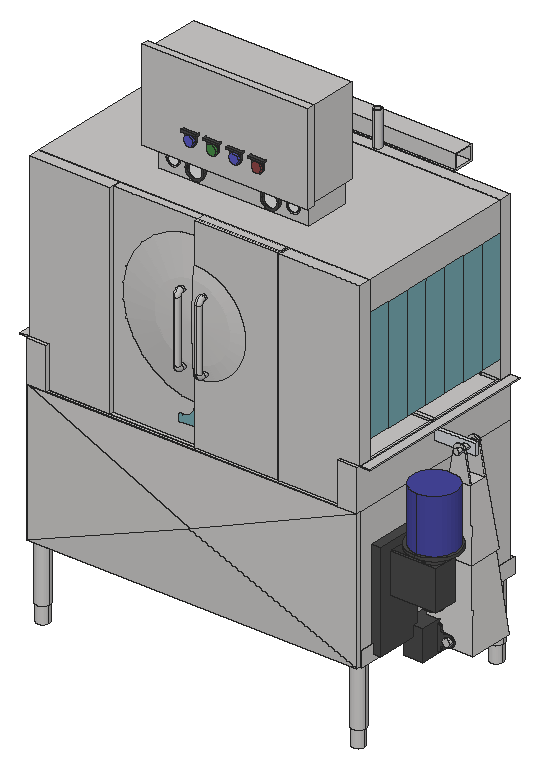
Revit family (continued)
Dimensions and locks (in)
  aligned and locked: plane 49 to curve 11
  aligned and locked: plane 50 to curve 13
  aligned and locked: curve 12 to plane 51
  aligned and locked: plane 10 "Right of Ledge" to curve 15
  aligned and locked: curve 16 to plane 38 "Back of Panel"
  aligned and locked: plane 37 to curve 18
  aligned and locked: plane 40 to curve 17
  aligned and locked: curve 19 to plane 41
  aligned and locked: plane 33 to curve 23
  aligned and locked: plane 39 "Front of Upper Panel" to curve 22
  aligned and locked: curve 21 to plane 34
  aligned and locked: curve 25 to plane 46
  aligned and locked: curve 28 to plane 13
  aligned and locked: plane 44 to curve 26
  aligned and locked: plane 47 to curve 27
  aligned and locked: plane 47 to curve 31
  aligned and locked: curve 32 to plane 45
  aligned and locked: plane 14 to curve 30
  aligned and locked: curve 29 to plane 46
  aligned and locked: Extrusion 74 sketch curve to plane 21  (x2)
  aligned and locked: plane 53 to Extrusion 74 sketch curve
  aligned and locked: plane 50 to Extrusion 74 sketch curve
  aligned and locked: Extrusion 74 sketch curve to plane 51
  aligned and locked: plane 49 to Extrusion 74 sketch curve
  aligned: plane 48 "Top of Vents" to Extrusion 74
  aligned and locked: plane 4 "TOP" to Extrusion 74
  aligned and locked: plane 17 "Top of Machine" to Extrusion 75 sketch curve
  aligned and locked: Extrusion 75 sketch curve to plane 28
  aligned and locked: plane 27 to Extrusion 75 sketch curve
  aligned and locked: Extrusion 75 sketch curve to plane 54
  aligned and locked: Extrusion 75 to plane 25
  aligned and locked: Extrusion 74 sketch curve to plane 9 "Left of Ledge"
  aligned and locked: Extrusion 74 sketch curve to plane 10 "Right of Ledge"
  aligned and locked: Extrusion 76 sketch curve to plane 53
  aligned and locked: Extrusion 76 sketch curve to plane 10 "Right of Ledge"
  aligned and locked: plane 21 to Extrusion 76 sketch curve
  aligned and locked: Extrusion 76 sketch curve to plane 12 "Right End Cowl"
  aligned and locked: plane 4 "TOP" to Extrusion 76
  aligned and locked: plane 11 "Left End Cowl" to Extrusion 77 sketch curve
  aligned and locked: plane 21 to Extrusion 77 sketch curve
  aligned and locked: Extrusion 77 sketch curve to plane 9 "Left of Ledge"
  aligned and locked: Extrusion 77 sketch curve to plane 53
  aligned and locked: plane 4 "TOP" to Extrusion 77
  aligned and locked: curve 37 to plane 12 "Right End Cowl"
  aligned and locked: curve 36 to plane 53
  aligned and locked: plane 11 "Left End Cowl" to curve 33
  aligned and locked: plane 55 to Extrusion 78 sketch curve
  aligned and locked: plane 6 "FRONT" to Extrusion 78 sketch curve
  aligned and locked: plane 25 to Extrusion 78 sketch curve
  aligned and locked: Extrusion 78 sketch curve to plane 57
  aligned and locked: Extrusion 78 to plane 18 "Panel Top"
  aligned and locked: plane 58 to Extrusion 79 sketch curve
  aligned and locked: Extrusion 79 sketch curve to plane 56
  aligned and locked: plane 25 to Extrusion 79 sketch curve
  aligned and locked: plane 6 "FRONT" to Extrusion 79 sketch curve
  aligned and locked: Extrusion 79 to plane 18 "Panel Top"
  aligned and locked: Extrusion 80 to plane 62 "Bottom of Upper Hinge"
  aligned and locked: Extrusion 81 to plane 64 "Bottom of Lower Hinge"
  aligned and locked: plane 63 "Top of Lower Hinge" to Extrusion 83
  aligned and locked: Extrusion 83 to plane 64 "Bottom of Lower Hinge"
  aligned and locked: plane 61 "Top of Upper Hinge" to Extrusion 82
  aligned and locked: Extrusion 82 to plane 62 "Bottom of Upper Hinge"
  aligned and locked: curve 38 to plane 27
  aligned and locked: curve 40 to plane 28
  aligned and locked: cut or joined group of Extrusion 45, Extrusion 52 to plane 5 "RIGHT"
  aligned and locked: Extrusion 86 to Extrusion 53
Automatic sketch dimensions
  plane 36 to Extrusion 8 sketch curve = 0' - 0 1/4"
  Extrusion 8 sketch curve to plane 36 = 0' - 0 1/4"
  Extrusion 15 sketch curve to plane 28 = 0' - 0"
  Extrusion 15 sketch curve to plane 27 = 0' - 0"
  plane 39 "Front of Upper Panel" to Extrusion 26 sketch curve = 0' - 0 3/8"
  Extrusion 26 sketch curve to Extrusion 26 sketch curve = 0' - 0 1/8"  (x6)
  Extrusion 26 sketch curve to plane 35 "Front of Lower Panel" = 0' - 1 1/4"
  plane 36 to Extrusion 26 sketch curve = 0' - 1 5/8"
  Extrusion 26 sketch curve to plane 2 "LEFT" = 0' - 0 1/8"  (x7)
  Extrusion 26 sketch curve to plane 38 "Back of Panel" = 0' - 1"
  Extrusion 26 sketch curve to Extrusion 26 sketch curve = 0' - 3"  (x2)
  Extrusion 30 sketch curve to Extrusion 30 sketch curve = 0' - 0"  (x2)
  Extrusion 31 sketch curve to Extrusion 31 sketch curve = 0' - 0"  (x2)
  Extrusion 34 sketch curve to Extrusion 34 sketch curve = 0' - 0"  (x2)
  Extrusion 35 sketch curve to Extrusion 35 sketch curve = 0' - 0"  (x2)
  plane 47 to Extrusion 49 sketch curve = 0' - 0 1/8"
  Extrusion 49 sketch curve to plane 46 = 0' - 0 1/8"
  Extrusion 49 sketch curve to plane 13 = 0' - 0 1/8"
  plane 44 to Extrusion 49 sketch curve = 0' - 0 1/8"
  Extrusion 50 sketch curve to plane 47 = 0' - 0 1/8"
  plane 46 to Extrusion 50 sketch curve = 0' - 0 1/8"
  Extrusion 50 sketch curve to plane 14 = 0' - 0 1/8"
  plane 45 to Extrusion 50 sketch curve = 0' - 0 1/8"
  Extrusion 54 sketch curve to plane 39 "Front of Upper Panel" = 0' - 0 3/16"
  Blend 56 sketch curve to plane 39 "Front of Upper Panel" = 0' - 0 3/16"
  Extrusion 57 sketch curve to plane 39 "Front of Upper Panel" = 0' - 0 3/16"
  Extrusion 58 sketch curve to plane 39 "Front of Upper Panel" = 0' - 0 3/16"
  Blend 66 sketch curve to plane 14 = 0' - 0 1/4"
  Blend 66 sketch curve to plane 36 = 0' - 1 1/4"
  plane 38 "Back of Panel" to Blend 66 sketch curve = 0' - 0 3/4"
  Blend 66 sketch curve to plane 45 = 0' - 1 1/4"
  Extrusion 69 sketch curve to Extrusion 69 sketch curve = 0' - 0"  (x2)
  Extrusion 70 sketch curve to plane 52 = 0' - 0"
  Extrusion 70 sketch curve to plane 17 "Top of Machine" = 0' - 0"
  Extrusion 70 sketch curve to plane 51 = 0' - 0"
  Extrusion 70 sketch curve to plane 51 = 0' - 0 1/8"
  Extrusion 70 sketch curve to plane 21 = 0' - 0 1/8"
  Extrusion 70 sketch curve to Extrusion 70 sketch curve = 0' - 0 1/8"
  plane 17 "Top of Machine" to Extrusion 70 sketch curve = 0' - 0 1/8"
  Extrusion 70 sketch curve to plane 52 = 0' - 0 1/8"
  Extrusion 71 sketch curve to plane 3 "BACK" = 0' - 0"
  Extrusion 71 sketch curve to plane 17 "Top of Machine" = 0' - 0"
  Extrusion 71 sketch curve to plane 3 "BACK" = 0' - 0 1/4"
  Extrusion 71 sketch curve to Extrusion 71 sketch curve = 0' - 0 1/8"
  Extrusion 73 sketch curve to Extrusion 73 sketch curve = 0' - 0"  (x2)
  Extrusion 55 sketch curve to plane 39 "Front of Upper Panel" = 0' - 1 1/2"
  Extrusion 55 sketch curve to plane 39 "Front of Upper Panel" = 0' - 0 3/16"
  curve 15 to plane 6 "FRONT" = 0' - 0"
  plane 3 "BACK" to curve 9 = 0' - 0"
  plane 3 "BACK" to curve 6 = 0' - 0"
  curve 3 to plane 9 "Left of Ledge" = 0' - 0"
  curve 1 to plane 9 "Left of Ledge" = 0' - 0 7/128"
  curve 35 to plane 9 "Left of Ledge" = 0' - 0"
  curve 35 to plane 10 "Right of Ledge" = 0' - 0"
  curve 33 to plane 21 = 0' - 0"
  curve 37 to plane 21 = 0' - 0"
  plane 19 to Blend 12 sketch curve = 0' - 7 7/32"
  Blend 12 sketch curve to Blend 12 sketch curve = 0' - 0 1/16"
  Revolve 16 sketch curve to plane 20 = 0' - 0"
  Revolve 16 sketch curve to plane 20 = 0' - 10 3/4"
  plane 47 to Revolve 16 sketch curve = 0' - 0 7/16"
  plane 35 "Front of Lower Panel" to Revolve 16 sketch curve = 0' - 2 3/4"
  Revolve 16 sketch curve to plane 62 "Bottom of Upper Hinge" = 0' - 5.68743"
  plane 53 to Revolve 16 sketch curve = 1' - 5.49935"
  Revolve 16 sketch curve to plane 62 "Bottom of Upper Hinge" = 0' - 5 15/16"  (x2)
  Extrusion 25 sketch curve to plane 39 "Front of Upper Panel" = 0' - 0 3/8"
  Extrusion 25 sketch curve to Extrusion 25 sketch curve = 0' - 0 1/8"  (x10)
  plane 35 "Front of Lower Panel" to Extrusion 25 sketch curve = 0' - 1 1/4"
  Extrusion 25 sketch curve to plane 36 = 0' - 1 5/8"
  Extrusion 25 sketch curve to plane 5 "RIGHT" = 0' - 0 1/8"  (x3)
  plane 38 "Back of Panel" to Extrusion 25 sketch curve = 0' - 1"
  Extrusion 25 sketch curve to Extrusion 25 sketch curve = 0' - 3"  (x2)
  Extrusion 38 sketch curve to Extrusion 38 sketch curve = 0' - 2"  (x2)
  Extrusion 38 sketch curve to Extrusion 38 sketch curve = 0' - 1"  (x2)
  Extrusion 38 sketch curve to plane 57 = 0' - 0 7/16"
  plane 58 to Extrusion 38 sketch curve = 0' - 0 7/16"
  plane 60 "Right Handle" to Extrusion 38 sketch curve = 0' - 1 1/16"
  plane 48 "Top of Vents" to Extrusion 38 sketch curve = 0' - 3"
  Extrusion 38 sketch curve to Extrusion 38 sketch curve = 0' - 0 1/4"  (x5)
  Extrusion 38 sketch curve to Extrusion 38 sketch curve = 0' - 0"
  Extrusion 43 sketch curve to Extrusion 43 sketch curve = 0' - 0 3/4"  (x2)
  Extrusion 43 sketch curve to plane 59 "Left Handle" = 0' - 0 13/16"
  Extrusion 43 sketch curve to plane 59 "Left Handle" = 0' - 0 1/16"
  plane 58 to Extrusion 43 sketch curve = 0' - 0 11/16"
  plane 60 "Right Handle" to Extrusion 43 sketch curve = 0' - 0 1/16"
  Extrusion 43 sketch curve to Extrusion 43 sketch curve = 0' - 1 1/2"
  plane 48 "Top of Vents" to Extrusion 43 sketch curve = 0' - 1 7/8"  (x2)
  Extrusion 43 sketch curve to Extrusion 43 sketch curve = 0' - 0"
  Extrusion 43 sketch curve to Extrusion 43 sketch curve = 0' - 0 7/8"  (x4)
  Extrusion 44 sketch curve to plane 26 "Door Center" = 0' - 0"
  plane 26 "Door Center" to Extrusion 44 sketch curve = 0' - 0.00035"
  Extrusion 44 sketch curve to plane 64 "Bottom of Lower Hinge" = 0' - 0.06343"
  plane 58 to Extrusion 44 sketch curve = 0' - 0.35719"
  plane 58 to Extrusion 44 sketch curve = 0' - 0.54876"
  plane 60 "Right Handle" to Extrusion 44 sketch curve = 0' - 0.50556"
  plane 60 "Right Handle" to Extrusion 44 sketch curve = 0' - 0.8056"
  Extrusion 44 sketch curve to Extrusion 44 sketch curve = 0' - 0.00341"
  Extrusion 44 sketch curve to Extrusion 44 sketch curve = 0' - 0.25142"  (x2)
  Extrusion 44 sketch curve to plane 64 "Bottom of Lower Hinge" = 0' - 0.08431"
  Extrusion 44 sketch curve to Extrusion 44 sketch curve = 0' - 0.42496"
  Extrusion 44 sketch curve to Extrusion 44 sketch curve = 0' - 0"
  Extrusion 44 sketch curve to plane 57 = 0' - 0.54876"
  plane 64 "Bottom of Lower Hinge" to Extrusion 44 sketch curve = 0' - 0.28465"
  Extrusion 44 sketch curve to Extrusion 44 sketch curve = 0' - 0.25483"
  Extrusion 44 sketch curve to Extrusion 44 sketch curve = 0' - 0.48493"  (x2)
  Extrusion 44 sketch curve to plane 64 "Bottom of Lower Hinge" = 0' - 1.98458"
  Extrusion 44 sketch curve to Extrusion 44 sketch curve = 0' - 0.08323"
  plane 19 to Extrusion 44 sketch curve = 0' - 6.6719"
  Extrusion 45 sketch curve to plane 46 = 0' - 0 1/16"
  plane 47 to Extrusion 45 sketch curve = 0' - 0 1/16"
  Extrusion 45 sketch curve to plane 17 "Top of Machine" = 0' - 0 1/8"
  Extrusion 45 sketch curve to plane 29 "Top of Opening" = 0' - 0.88572"
  Extrusion 45 sketch curve to Extrusion 45 sketch curve = 0' - 0.05178"  (x2)
  Extrusion 45 sketch curve to plane 62 "Bottom of Upper Hinge" = 0' - 0.32322"
  Extrusion 45 sketch curve to Extrusion 45 sketch curve = 0' - 0.17678"  (x2)
  plane 63 "Top of Lower Hinge" to Extrusion 45 sketch curve = 0' - 3.36428"
  plane 63 "Top of Lower Hinge" to Extrusion 45 sketch curve = 0' - 1.86428"
  plane 47 to Extrusion 46 sketch curve = 0' - 0 1/16"
  Extrusion 46 sketch curve to plane 46 = 0' - 0 1/16"
  Extrusion 46 sketch curve to plane 17 "Top of Machine" = 0' - 0 1/8"
  Extrusion 46 sketch curve to plane 29 "Top of Opening" = 0' - 0.88572"
  Extrusion 46 sketch curve to Extrusion 46 sketch curve = 0' - 0.05178"  (x2)
  Extrusion 46 sketch curve to plane 62 "Bottom of Upper Hinge" = 0' - 0.32322"
  Extrusion 46 sketch curve to Extrusion 46 sketch curve = 0' - 0.17678"  (x2)
  plane 63 "Top of Lower Hinge" to Extrusion 46 sketch curve = 0' - 3.36428"
  plane 63 "Top of Lower Hinge" to Extrusion 46 sketch curve = 0' - 1.86428"
  Extrusion 47 sketch curve to plane 29 "Top of Opening" = 0' - 0 15/16"
  Extrusion 47 sketch curve to plane 62 "Bottom of Upper Hinge" = 0' - 0 1/2"
  plane 63 "Top of Lower Hinge" to Extrusion 47 sketch curve = 0' - 3 5/16"
  plane 63 "Top of Lower Hinge" to Extrusion 47 sketch curve = 0' - 1 11/16"
  Extrusion 48 sketch curve to plane 6 "FRONT" = 0' - 0"
  Extrusion 48 sketch curve to plane 25 = 0' - 0"
  Extrusion 48 sketch curve to plane 24 = 0' - 0"
  Extrusion 48 sketch curve to plane 3 "BACK" = 0' - 0"
  Extrusion 48 sketch curve to plane 29 "Top of Opening" = 0' - 0"
  Extrusion 48 sketch curve to plane 17 "Top of Machine" = 0' - 0"
  Extrusion 48 sketch curve to plane 29 "Top of Opening" = 0' - 0 15/16"
  Extrusion 48 sketch curve to plane 62 "Bottom of Upper Hinge" = 0' - 0 1/2"
  plane 63 "Top of Lower Hinge" to Extrusion 48 sketch curve = 0' - 3 5/16"
  plane 63 "Top of Lower Hinge" to Extrusion 48 sketch curve = 0' - 1 11/16"
  plane 23 to Extrusion 53 sketch curve = 0' - 0"
  Extrusion 53 sketch curve to plane 5 "RIGHT" = 0' - 0"
  Extrusion 53 sketch curve to plane 19 = 0' - 0"
  plane 15 "Bottom of Machine" to Extrusion 53 sketch curve = 0' - 0 15/16"
  Extrusion 53 sketch curve to plane 18 "Panel Top" = 0' - 4 9/16"
  Extrusion 59 sketch curve to plane 5 "RIGHT" = 0' - 0"
  Extrusion 59 sketch curve to plane 64 "Bottom of Lower Hinge" = 0' - 0 3/8"
  plane 14 to Extrusion 59 sketch curve = 0' - 1 3/16"
  Extrusion 59 sketch curve to plane 45 = 0' - 1 7/16"
  Extrusion 59 sketch curve to plane 64 "Bottom of Lower Hinge" = 0' - 1 1/8"
  plane 64 "Bottom of Lower Hinge" to Extrusion 59 sketch curve = 0' - 0 3/8"
  Extrusion 60 sketch curve to plane 19 = 0' - 0"
  plane 23 to Extrusion 60 sketch curve = 0' - 0"
  Extrusion 60 sketch curve to plane 5 "RIGHT" = 0' - 0"
  Extrusion 60 sketch curve to plane 14 = 0' - 0 5/16"
  Extrusion 60 sketch curve to plane 15 "Bottom of Machine" = 0' - 1 9/16"
  Extrusion 60 sketch curve to Extrusion 60 sketch curve = 0' - 0 7/16"
  Extrusion 61 sketch curve to Extrusion 61 sketch curve = 0' - 0"  (x2)
  plane 15 "Bottom of Machine" to Extrusion 61 sketch curve = 0' - 0 7/16"
  plane 14 to Extrusion 61 sketch curve = 0' - 1 3/16"
  plane 14 to Extrusion 61 sketch curve = 0' - 0 9/16"  (x2)
  Extrusion 61 sketch curve to plane 15 "Bottom of Machine" = 0' - 0 5/16"
  plane 14 to Extrusion 61 sketch curve = 0' - 0 3/16"  (x2)
  Extrusion 61 sketch curve to plane 14 = 0' - 0 1/16"  (x2)
  Extrusion 61 sketch curve to Extrusion 61 sketch curve = 0' - 0 1/4"
  Extrusion 61 sketch curve to Extrusion 61 sketch curve = 0' - 0 5/16"
  Extrusion 61 sketch curve to plane 19 = 0' - 0 1/8"
  Extrusion 62 sketch curve to Extrusion 62 sketch curve = 0' - 0"  (x2)
  plane 15 "Bottom of Machine" to Extrusion 62 sketch curve = 0' - 0 7/16"
  plane 14 to Extrusion 62 sketch curve = 0' - 1 3/16"
  plane 14 to Extrusion 62 sketch curve = 0' - 0 9/16"  (x2)
  Extrusion 62 sketch curve to plane 15 "Bottom of Machine" = 0' - 0 5/16"
  plane 14 to Extrusion 62 sketch curve = 0' - 0 3/16"  (x2)
  Extrusion 62 sketch curve to plane 14 = 0' - 0 1/16"  (x2)
  Extrusion 62 sketch curve to Extrusion 62 sketch curve = 0' - 0 1/4"
  Extrusion 62 sketch curve to Extrusion 62 sketch curve = 0' - 0 5/16"
  Extrusion 62 sketch curve to plane 19 = 0' - 0 1/8"
  Extrusion 63 sketch curve to Extrusion 63 sketch curve = 0' - 0"  (x6)
  plane 18 "Panel Top" to Extrusion 63 sketch curve = 0' - 0 3/16"
  Extrusion 63 sketch curve to plane 45 = 0' - 1 1/4"
  Extrusion 63 sketch curve to plane 64 "Bottom of Lower Hinge" = 0' - 0.24205"  (x2)
  plane 14 to Extrusion 63 sketch curve = 0' - 1.92562"
  Extrusion 63 sketch curve to Extrusion 63 sketch curve = 0' - 0.36312"
  Extrusion 63 sketch curve to Extrusion 63 sketch curve = 0' - 0 3/8"
  Extrusion 63 sketch curve to plane 14 = 0' - 0 1/4"
  Extrusion 63 sketch curve to plane 64 "Bottom of Lower Hinge" = 0' - 0 3/8"
  Extrusion 64 sketch curve to Extrusion 64 sketch curve = 0' - 0"  (x6)
  plane 18 "Panel Top" to Extrusion 64 sketch curve = 0' - 0 3/16"
  Extrusion 64 sketch curve to plane 45 = 0' - 1 1/4"
  Extrusion 64 sketch curve to plane 64 "Bottom of Lower Hinge" = 0' - 0.24205"  (x2)
  plane 14 to Extrusion 64 sketch curve = 0' - 1.92562"
  Extrusion 64 sketch curve to Extrusion 64 sketch curve = 0' - 0.36312"
  Extrusion 64 sketch curve to Extrusion 64 sketch curve = 0' - 0 3/8"
  Extrusion 64 sketch curve to plane 14 = 0' - 0 1/4"
  Extrusion 64 sketch curve to plane 64 "Bottom of Lower Hinge" = 0' - 0 3/8"
  Blend 66 sketch curve to plane 10 "Right of Ledge" = 0' - 0 5/16"
  Blend 66 sketch curve to plane 36 = 0' - 2 1/4"
  plane 38 "Back of Panel" to Blend 66 sketch curve = 0' - 1 3/4"
  Blend 66 sketch curve to plane 45 = 0' - 0 1/4"
  plane 45 to Blend 67 sketch curve = 0' - 0 1/2"
  plane 35 "Front of Lower Panel" to Blend 67 sketch curve = 0' - 3"
  plane 38 "Back of Panel" to Blend 67 sketch curve = 0' - 2 1/2"
  plane 10 "Right of Ledge" to Blend 67 sketch curve = 0' - 0 7/16"
  Blend 67 sketch curve to plane 10 "Right of Ledge" = 0' - 0 9/16"
  Blend 67 sketch curve to plane 36 = 0' - 2"
  plane 38 "Back of Panel" to Blend 67 sketch curve = 0' - 1 1/2"
  Blend 67 sketch curve to plane 45 = 0' - 0 1/2"
  Extrusion 68 sketch curve to Extrusion 68 sketch curve = 0' - 0"  (x2)
  plane 15 "Bottom of Machine" to Extrusion 68 sketch curve = 0' - 0 7/16"
  plane 14 to Extrusion 68 sketch curve = 0' - 1 11/16"
  Extrusion 68 sketch curve to Extrusion 68 sketch curve = 0' - 0 1/2"
  Sweep 84 sketch curve to plane 6 "FRONT" = 0' - 0"  (x2)
  Sweep 84 sketch curve to plane 20 = 0' - 0 1/8"  (x2)
  Sweep 84 sketch curve to Sweep 84 sketch curve = 0' - 0 1/2"
  plane 63 "Top of Lower Hinge" to Sweep 84 sketch curve = 0' - 2"
  Sweep 84 sketch curve to plane 62 "Bottom of Upper Hinge" = 0' - 2 7/8"
  Sweep 84 sketch curve to plane 59 "Left Handle" = 0' - 0"
  Sweep 84 sketch curve to profile plane = 0' - 0"
  Sweep 85 sketch curve to plane 6 "FRONT" = 0' - 0"  (x2)
  Sweep 85 sketch curve to plane 20 = 0' - 0 1/8"  (x2)
  Sweep 85 sketch curve to Sweep 85 sketch curve = 0' - 0 1/2"
  plane 63 "Top of Lower Hinge" to Sweep 85 sketch curve = 0' - 2"
  Sweep 85 sketch curve to plane 62 "Bottom of Upper Hinge" = 0' - 2 7/8"
  Sweep 85 sketch curve to plane 60 "Right Handle" = 0' - 0"
  Sweep 85 sketch curve to profile plane = 0' - 0"
  curve 52 to plane 59 "Left Handle" = 0' - 0"
  curve 53 to plane 60 "Right Handle" = 0' - 0"
  curve 41 to plane 6 "FRONT" = 0' - 0"
  curve 44 to plane 6 "FRONT" = 0' - 0"
  curve 38 to plane 6 "FRONT" = 0' - 0"
  curve 47 to plane 6 "FRONT" = 0' - 0"
  curve 51 to plane 6 "FRONT" = 0' - 0"
  curve 48 to plane 6 "FRONT" = 0' - 0"
  curve 49 to plane 6 "FRONT" = 0' - 0"
  curve 50 to plane 6 "FRONT" = 0' - 0"
  plane 25 to curve 44 = 0' - 0"
  curve 56 to plane 32 = 0' - 0"
  curve 55 to plane 50 = 0' - 0"
  curve 54 to plane 49 = 0' - 0"
  curve 55 to plane 32 = 0' - 0"
  curve 41 to plane 58 = 0' - 0"
  curve 39 to plane 57 = 0' - 0"
  curve 51 to plane 20 = 0' - 0 5/8"
  curve 48 to plane 20 = 0' - 0 5/8"
  plane 47 to curve 45 = 0' - 0 7/16"
  plane 38 "Back of Panel" to curve 56 = 0' - 2.50561"
  plane 38 "Back of Panel" to curve 55 = 0' - 5"
  curve 55 to plane 24 = 0' - 2.88061"
  curve 53 to curve 53 = 0' - 0 3/8"
  plane 59 "Left Handle" to curve 49 = 0' - 0 3/8"
  plane 45 to Extrusion 86 sketch curve = 0' - 0 9/16"
  Extrusion 86 sketch curve to plane 25 = 0' - 1.61615"
  Extrusion 86 sketch curve to plane 39 "Front of Upper Panel" = 0' - 1.50885"
  Extrusion 86 sketch curve to plane 39 "Front of Upper Panel" = 0' - 0.19635"
  Extrusion 86 sketch curve to plane 35 "Front of Lower Panel" = 0' - 0.13385"
  Extrusion 86 sketch curve to plane 45 = 0' - 1 1/16"
  Extrusion 86 sketch curve to Extrusion 86 sketch curve = 0' - 0"
  Extrusion 86 sketch curve to plane 10 "Right of Ledge" = 0' - 0 1/4"
  Extrusion 86 sketch curve to plane 10 "Right of Ledge" = 0' - 0 1/8"
  radius of Extrusion 17 sketch curve = 0' - 0 13/16"
  radius of Extrusion 18 sketch curve = 0' - 0 15/16"
  radius of Extrusion 19 sketch curve = 0' - 0 13/16"
  radius of Extrusion 20 sketch curve = 0' - 0 15/16"
  radius of Extrusion 21 sketch curve = 0' - 0 13/16"
  radius of Extrusion 22 sketch curve = 0' - 0 15/16"
  radius of Extrusion 23 sketch curve = 0' - 0 13/16"
  radius of Extrusion 24 sketch curve = 0' - 0 15/16"
  radius of Extrusion 30 sketch curve = 0' - 1 1/4"
  radius of Extrusion 30 sketch curve = 0' - 1"
  radius of Extrusion 31 sketch curve = 0' - 0 3/4"
  radius of Extrusion 31 sketch curve = 0' - 0 7/8"
  radius of Extrusion 34 sketch curve = 0' - 1 1/4"
  radius of Extrusion 34 sketch curve = 0' - 1"
  radius of Extrusion 35 sketch curve = 0' - 0 3/4"
  radius of Extrusion 35 sketch curve = 0' - 0 7/8"
  radius of Extrusion 39 sketch curve = 0' - 0 5/8"
  radius of Extrusion 40 sketch curve = 0' - 0 5/8"
  radius of Extrusion 41 sketch curve = 0' - 0 5/8"
  radius of Extrusion 42 sketch curve = 0' - 0 5/8"
  radius of Extrusion 54 sketch curve = 0' - 1 1/16"
  radius of Blend 56 sketch curve = 0' - 2 1/16"
  radius of Extrusion 57 sketch curve = 0' - 3 1/4"
  radius of Extrusion 58 sketch curve = 0' - 2 7/8"
  radius of Extrusion 69 sketch curve = 0' - 0 3/8"
  radius of Extrusion 69 sketch curve = 0' - 0 1/2"
  radius of Extrusion 72 sketch curve = 0' - 0 1/4"
  radius of Extrusion 73 sketch curve = 0' - 1"
  radius of Extrusion 73 sketch curve = 0' - 1 1/8"
  radius of Extrusion 80 sketch curve = 0' - 0 1/4"
  radius of Extrusion 81 sketch curve = 0' - 0 1/4"
  radius of Extrusion 82 sketch curve = 0' - 0 1/4"
  radius of Extrusion 83 sketch curve = 0' - 0 1/4"
  radius of Extrusion 59 sketch curve = 0' - 0 3/8"
  radius of Extrusion 61 sketch curve = 0' - 0 1/2"
  radius of Extrusion 62 sketch curve = 0' - 0 1/2"
  radius of Sweep 84 sketch curve = 0' - 0 3/8"
  radius of Sweep 85 sketch curve = 0' - 0 3/8"
Nested families (in)
  nested 1: "QF_Stero_ER-44_L-R_E_EX" at (49.39022, -48.0625, 0), visible <- "Right Vent", Ventilation Remarks <- "Right Ventilation Remarks", Exhaust Volume <- "Right Exhaust Volume", Exhaust Vent Width <- "Right Exhaust Vent Width", Exhaust Vent Depth <- "Right Exhaust Vent Depth", Exhaust Static Press <- "Right Exhaust Static Press", Exhaust RI Height <- "Right Exhaust RI Height", Item Number <- "Right Exhaust Item Number", type "Nested"
    with Ventilation Remarks "", Item Number "-", Exhaust Volume 0 CFM, Exhaust Vent Width 0' - 3 7/8", Exhaust Vent Depth 2' - 0 7/8", Exhaust Static Press 0.00 in-wg, Exhaust RI Height 0' - 0"
Connectors (in)
  piping at (18.32772, -50, 6), driven by "Indirect Waste Flow"
    settings: on Extrusion 73, index 1, connector radius 1", flow factor 0, pipe flow 0.00 GPM, pressure drop 0.00 psi, fitting loss kfactor 0, connector angle 0.00°, fixture units 0, flow configuration 1, flow direction 2, fitting loss method 0, system type 16, connector reference index -1, connector utility 0, adjustable connector no, is connector primary yes, fitting loss table "", connector description "Indirect Waste"
  piping at (29.32772, -48.75, 60), driven by "Hot Water Flow"
    settings: on Extrusion 69, index 2, connector radius 3/8", flow factor 0, pipe flow 1.97 GPM, pressure drop 0.00 psi, fitting loss kfactor 0, connector angle 0.00°, fixture units 0, flow configuration 1, flow direction 1, fitting loss method 0, system type 19, connector reference index -1, connector utility 0, adjustable connector no, is connector primary no, fitting loss table "", connector description "Hot Water"
  electrical at (34.32772, -59.9375, 68.5), driven by "Number of Poles", driven by "Volts", driven by "Apparent Power"
    settings: on Extrusion 72, index 3, voltage 208 V, apparent load 10483.2 VA, apparent load phase1 0 VA, apparent load phase2 0 VA, apparent load phase3 0 VA, power factor 1, load classification "Other", number of poles 1, system type 30, power factor state 1, is connector primary yes, connector utility no, sub classification motor no, connector description "Electric"
  hvac at (-2.42228, -60.5, 59.5), driven by "Exhaust Volume", driven by "Exhaust Vent Depth", driven by "Exhaust Vent Width", driven by "Exhaust Vent Text"
    settings: on cut or joined group of Extrusion 49, Extrusion 51, index 4, duct flow 0 CFM, flow factor 0, pres drop 0.00 in-wg, loss coef 0, conn angle 0.00°, conn width 3 7/8", conn height 24 7/8", conn radius 12", duct sys type 3, conn prof type 1, flow config 1, flow direction 2, loss method 0, conn ref index -1, conn util no, is conn primary yes, conn desc "Vent, Load End"
  hvac at (51.32772, -60.5, 59.5), driven by "Right Exhaust Volume", driven by "Right Exhaust Vent Depth", driven by "Right Exhaust Vent Width", driven by "Right Exhaust Vent Text"
    settings: on cut or joined group of Extrusion 50, Extrusion 52, index 5, duct flow 0 CFM, flow factor 0, pres drop 0.00 in-wg, loss coef 0, conn angle 0.00°, conn width 3 7/8", conn height 24 7/8", conn radius 12", duct sys type 3, conn prof type 1, flow config 1, flow direction 2, loss method 0, conn ref index -1, conn util no, is conn primary no, conn desc "Vent, Unload End"
Definition of nested family "QF_Stero_ER-44_L-R_E_EX"
  Parameters (values of type "Nested")
    Watermarked By = "http://revitwatermark.com"
    Ventilation Remarks [instance] = ""
    Type Comments = "⍁⍉⌁⌀⏭⎽⌇⍠⌜⍉⎖⌥⌦⌯⍭⏊⍻⍿⍊⏵⍊⏗⏠⍴⎡⌈⎀⍠⌓⌤⏘⎐⍀⌐⏬⏁⎈⏍⏦⎒⏬⌝⍩⍇⌣〈⎫〉⎁⏊⍥⍖⍥⍝⍦⌖⍀⏌⏭⎝⎼⏷⏞⍻⏯⎽⏷⏞⍻⏯⎽⏷⎺⌻⎝⍎⌧⏷⏟⏿⌿⍜⍦⍤⌁⍬⏶⏎⍊⏚⏉⎞⌡⎀⎪⏈⌟⌿⍾⍼⌟⌿⌢⏮⏝⏝⏛⎽⎻⎷⎳⎻⎗⌾⍼⎴⏿⏰⏑⏮⍮⍺⏼⏅⎏⌽⌻⍽⎝⍮⎧⎯⏛⎼⎮⍾⏬⏇⏎⏳⏦⏠⎧⎳⍷⏿⌏"
    Item Number [instance] = "-"
    Exhaust Volume [instance] = 0 CFM
    Exhaust Vent Width [instance] = 1' - 4"
    Exhaust Vent Depth [instance] = 0' - 4"
    Exhaust Static Press [instance] = 0.00 in-wg
    Exhaust RI Height [instance] = 0' - 0"
    Description = ""
    Assembly Code = ""
  Reference planes (in)
    plane 1 "Center (Back)": y = 0
    plane 2: z = 0
    plane 3 "Center (Left)": x = 0
    plane 4: x = 16
    plane 5: y = -4
  Lines and regions (in)
    symbolic lines, style "QF_Multiple Utilities"
      curve 1: line (0, 0, 0) -> (16, 0, 0)
      curve 2: line (0, -4, 0) -> (0, 0, 0)
      curve 3: line (16, -4, 0) -> (0, -4, 0)
      curve 4: line (16, 0, 0) -> (16, -4, 0)
      curve 5: line (16, 0, 0) -> (0, -4, 0)
      curve 6: line (0, 0, 0) -> (16, -4, 0)
  Dimensions and locks (in)
    "Exhaust Vent Width": plane 3 "Center (Left)" to plane 4
    "Exhaust Vent Depth": plane 1 "Center (Back)" to plane 5
    aligned and locked: level to plane 2
    aligned and locked: plane 1 "Center (Back)" to curve 1
    aligned and locked: plane 3 "Center (Left)" to curve 2
    aligned and locked: curve 3 to plane 5
    aligned and locked: curve 4 to plane 4
